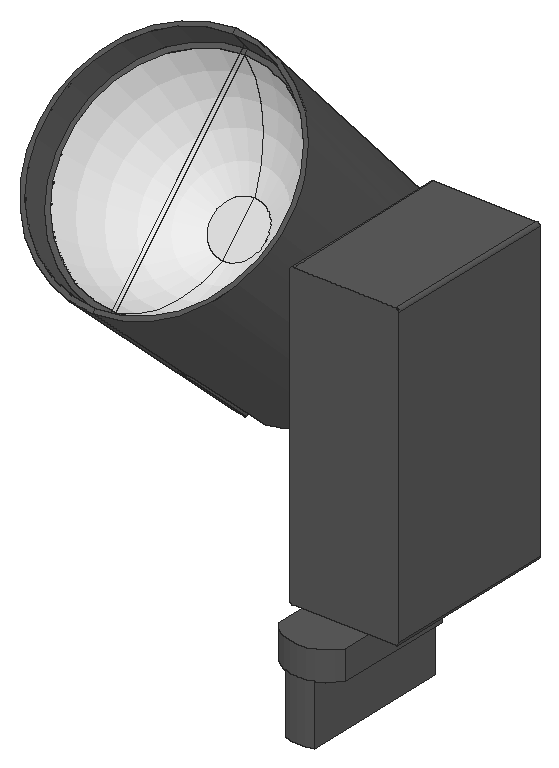
Revit family "0004894 Feilo Sylvania Lighting Fixture START TRACK SPOT L 55W 3K RA90 WB BLACK", category Lighting Fixtures, host Face, Revit 2017
Family settings
  Host = Face
  Round Connector Dimension = Use Diameter
  Part Type = Normal
  OmniClass Number = 23.80.70.00
  OmniClass Title = Lighting
  Cut with Voids When Loaded = No
  Light Source = No
  Shared = No
  Room Calculation Point = No
Parameters (values of type "0004894 START TRACK SPOT L 55W 3K RA90 WB BLACK")
  Weight = "1.398 kg"
  Wattage Comments = ""
  WarrantyStartDate [instance] = "n/a"
  WarrantyGuarantorParts = "n/a"
  WarrantyDurationUnit = "n/a"
  WarrantyDurationParts = "n/a"
  WarrantyDescription = "n/a"
  Voltage = 230 V
  URL = "http://www.sylvania-lighting.com"
  TypeName = "START TRACK SPOT L 55W 3K RA90 WB BLACK"
  TypeHead_FEILO = Start Track Spot Head : 0004894 START TRACK SPOT L 55W 3K RA90 WB BLACK
  TypeBox_FEILO = Start Track Spot Box : Type Large Black
  Type Image = <None>
  Type Comments = "n/a"
  VerticalRotation_FEILO [instance] = 0.00°
  SlideEndAngle_FEILO [instance] = VerticalRotation_FEILO + 180.00°  # 180.00°
  SerialNumber [instance] = "n/a"
  Material_3_FEILO = none
  PowerFactor = 0.96
  PowerConsumption = "55 W"
  NominalLength = 0 mm
  NominalHeight = 240 mm
  NominalDepth = 164 mm
  Name = "START TRACK SPOT L 55W 3K RA90 WB BLACK"
  ModelReference = Name  # "START TRACK SPOT L 55W 3K RA90 WB BLACK"
  ModelNumber = "0004894"
  Model = Name  # "START TRACK SPOT L 55W 3K RA90 WB BLACK"
  Material = "adc12 aluminium housing, polycarbonate diffuser"
  ManufacturerName = "Feilo Sylvania"
  Manufacturer = "Feilo Sylvania"
  LuminousEfficacy = "80 lm/W"
  LuminaireType = ""
  LightOutputRatio = "100"
  LampsType = Lamp  # "LED"
  LampNominalLuminous = "4405 lm"
  LampMacAdamStep = "3"
  LampColourTemperature = "3000 K"
  LampColourRenderingIndex = "90"
  Lamp = "LED"
  Keynote = "16500"
  InstallationDate [instance] = "n/a"
  InputVoltage = "230-240V~"
  InputNominalFrequency = "50/60 Hz"
  IngressProtection = "IP20"
  ImpactProtectionIndex = "IK02"
  IfcExportType = "IfcLightFixtureType"
  IfcExportAs = "IfcLightFixtureType"
  HorizontalRotation_FEILO [instance] = 45.00°
  ExpectedLife = 50000
  ElectricShockClassification = "Class II"
  DurationUnit = "hours"
  DocumentationLiterature = "http://www.sylvania-lighting.com/product/en-int/products/0004894"
  DimmingControlOptions = "Non dimmable"
  Material_2_FEILO = none
  Description = "Integrated LED spotlight, Textured Black - RAL9005, compact and minimalist design, ideal for retail applications, die-cast aluminium body, passive cooling heatsink. Beam angle: 52°, color temperature: 3000K , total system power: 55W, total fixture output: 4405 lm, LOR: 100%, colour rendering: Ra: 90 typical, LED Chromaticity: 3 step MacAdam ellipse, lifetime: >50000 hours at L70B50, energy class: A++, A+, A, IR/UV free light source without heat radiation, operating voltage: 220-240V / 50-60Hz, drive current: 1400mA, electronic driver, non-dimmable, power factor: 0.96, electrical protection: Class II, Global Track 3 Phase adapter suitable for Global trac 3-circuit tracks, ingress protection rating: IP20, suitable for internal environment only, horizontal rotation: 355°, vertical tilt: 90°, dimensions: Ø113x164x240, weight: 1.398kg."
  Default Elevation = 1219.2 mm
  CreatedOn = "12/12/2017"
  CreatedBy = ""
  Cost = 0
  built-in parameter 1114216 [instance] = (empty or 0)
  ClassificationValue = "EF_70_80"
  ClassificationName = "Uniclass2015"
  Material_1_FEILO = Body-Sylvania-StartTrackSpot-Black
  BarCode [instance] = "n/a"
  AssetType = "Fixed"
  AssetIdentifier [instance] = "n/a"
  Assembly Code = "D5020200"
  Apparent Load = 55 VA
  Material_4_FEILO = none
Reference planes
  plane 1 "Center (Front/Back)": y = 0
  plane 2: z = 0
  plane 3 "Center (Left/Right)": x = 0
  plane 4: x = 15
  plane 5: x = -15
  plane 6: y = 35
  plane 7: y = -35
  plane 8: z = 13
  plane 9: z = -27
  plane 10: x = 6.5
  plane 11: x = -6.5
  plane 12: y = 27
  plane 13: y = -27
  plane 14: y = 20
Forms (mm)
  Extrusion 1, solid, material "Body-Sylvania-StartTrackSpot-Black" <- "Material_1_FEILO"
    sketch origin (0, 0, 0) x (1, 0, 0) y (0, 1, 0)
      loop
        line (-15, 27) -> (-15, -27)
        arc (-15, -27) -> (0, -35) -> (15, -27) r 18.062
        line (15, -27) -> (15, 27)
        arc (15, 27) -> (0, 35) -> (-15, 27) r 18.062
    from 0 to 13
  Extrusion 2, solid, material "Body-Sylvania-StartTrackSpot-Black" <- "Material_1_FEILO"
    sketch origin (0, 0, 0) x (1, 0, 0) y (0, 1, 0)
      loop
        arc (6.5, 33.79) -> (0, 35) -> (-6.5, 33.79) r 18.062
        line (-6.5, 33.79) -> (-6.5, -33.79)
        arc (-6.5, -33.79) -> (0, -35) -> (6.5, -33.79) r 18.062
        line (6.5, -33.79) -> (6.5, 33.79)
    from 0 to -27
  Revolve 3, solid, not visible
    sketch origin (1524, 20, 1219.2) x (1, 0, 0) y (0, 0, 1)
      loop
        line (-1524, -1206.2) -> (-1524, -1191.285) -> (-1530.5, -1191.285) -> (-1530.5, -1206.2) -> (-1524, -1206.2)
      axis (-1524, -1191.285) -> (-1524, -1206.2)
    angle from 0 <- "VerticalRotation_FEILO" to 180 <- "SlideEndAngle_FEILO"
Cuts and joins
  joined: Extrusion 1, Extrusion 2
Dimensions and locks
  equal spacing: plane 10, plane 3 "Center (Left/Right)", plane 11
  equal spacing: plane 4, plane 3 "Center (Left/Right)", plane 5
  locked: plane 8 to plane 2 at 13
  locked: plane 8 to plane 9 at 40
  equal spacing: plane 13, plane 1 "Center (Front/Back)", plane 12
  locked: plane 12 to plane 6 at 8
  locked: plane 14 to plane 6 at 15
  locked: Revolve 3 sketch curve to plane 8 at 14.915
  aligned and locked: plane 2 to host face
  aligned and locked: level to host face
  aligned and locked: plane 5 to Extrusion 1 sketch curve  (x2)
  aligned and locked: plane 12 to Extrusion 1 sketch curve
  aligned and locked: plane 13 to Extrusion 1 sketch curve
  aligned and locked: plane 4 to Extrusion 1 sketch curve
  aligned and locked: Extrusion 1 to plane 8
  aligned and locked: Extrusion 1 to level
  aligned and locked: Extrusion 2 sketch curve to Extrusion 1  (x2)
  aligned and locked: Extrusion 2 sketch curve to plane 11
  aligned and locked: plane 10 to Extrusion 2 sketch curve
  aligned and locked: plane 9 to Extrusion 2
  aligned and locked: level to Extrusion 2
  aligned and locked: Revolve 3 sketch curve to plane 3 "Center (Left/Right)"  (x2)
  aligned and locked: plane 11 to Revolve 3 sketch curve
  aligned and locked: Revolve 3 sketch curve to plane 8
Automatic sketch dimensions
  host sketch curve to host sketch curve = 2438.4 mm  (x2)
  Extrusion 1 sketch curve to plane 3 "Center (Left/Right)" = 0 mm  (x2)
  Extrusion 1 sketch curve to plane 13 = 10.062 mm
  plane 12 to Extrusion 1 sketch curve = 10.062 mm
  Revolve 3 sketch curve to plane 3 "Center (Left/Right)" = 0 mm
  plane 9 to Revolve 3 sketch curve = 582.6 mm
  Revolve 3 sketch curve to Revolve 3 sketch curve = 2581.144 mm
Nested families
  nested 1: "Start Track Spot Head" at (-75.5, 20, 133) x (0, 0.7071, 0.7071) z (0, 0.7071, -0.7071), type <- "TypeHead_FEILO", type "0004894 START TRACK SPOT L 55W 3K RA90 WB BLACK"
    with built-in parameter 1114216 (empty or 0)
  nested 2: "Start Track Spot Box" at (8.5, 20, 85) x (-1, 0, 0) z (0, -1, 0), BoxStartAngle_FEILO <- "HorizontalRotation_FEILO", type <- "TypeBox_FEILO", type "Type Large Black"
    with BoxStartAngle_FEILO 45.00°, BoxEndAngle_FEILO -135.00°
Connectors
  electrical at (0, 0, 0), driven by "Apparent Load", driven by "PowerFactor", driven by "Voltage"
    settings: index 1, voltage 230 V, apparent load 55 VA, apparent load phase1 0 VA, apparent load phase2 0 VA, apparent load phase3 0 VA, power factor 0.96, load classification "Lighting", number of poles 1, system type 30, power factor state 1, is connector primary yes, connector utility no, sub classification motor no, connector description ""
Definition of nested family "Start Track Spot Head"
  Parameters (values of type "0004811 START TRACK SPOT S 14W 3K RA80 NB WHITE")
    Wattage Comments = "n/a"
    Wattage = 14 W
    built-in parameter 1150110 = 1 (stored number, unit not read)
    URL = "http://www.feilosylvania.com"
    Type Image = (empty or 0)
    Type Comments = "n/a"
    built-in parameter 1114217 = 1 (stored number, unit not read)
    Tilt Angle = -90.00°
    built-in parameter 1150109 = 1 (stored number, unit not read)
    built-in parameter 1150134 = (empty or 0)
    built-in parameter 1150113 = 1 (stored number, unit not read)
    Photometric Web File = "0004811.ies"
    Material_3_FEILO = none
    Model = "START TRACK SPOT S 14W 3K RA80 NB WHITE"
    Manufacturer = "Feilo Sylvania"
    built-in parameter 1150105 = 123.66 (stored number, unit not read)
    Lumens = 1554 lm
    built-in parameter 1150115 = 1 (stored number, unit not read)
    built-in parameter 1150137 = (empty or 0)
    built-in parameter 1150139 = (empty or 0)
    built-in parameter 1150112 = 1 (stored number, unit not read)
    built-in parameter 1150114 = 1 (stored number, unit not read)
    Lamp = "LED"
    Keynote = "16500"
    Material_2_FEILO = none
    built-in parameter 1150132 = (empty or 0)
    built-in parameter 1150102 = (empty or 0)
    built-in parameter 1150107 = 3000 (stored number, unit not read)
    built-in parameter 1150138 = (empty or 0)
    built-in parameter 1150106 = 1.2366 (stored number, unit not read)
    HeadThickness_FEILO = if(HeadDiaOut_FEILO > 112 mm, 2 mm, 1.5 mm)  # 1.5 mm
    HeadRibOffset_FEILO = HeadHeight_FEILO / 28  # 4.179 mm
    HeadRibDepth_FEILO = HeadHeight_FEILO / 2.1  # 55.714 mm
    HeadRibCutWidth_FEILO = HeadDiaOut_FEILO / 12  # 7.167 mm
    HeadRibCutOffset_FEILO = HeadHeight_FEILO / 2.3  # 50.87 mm
    HeadReflectorRadius_FEILO = HeadDiaOut_FEILO / 1.7  # 50.588 mm
    HeadReflectorOffset_FEILO = HeadHeight_FEILO / 2.1  # 55.714 mm
    HeadLEDRadius_FEILO = HeadDiaOut_FEILO / 9  # 9.556 mm
    HeadHeight_FEILO = 117 mm
    HeadDraft_FEILO = 1 mm
    HeadDiffusorThickness_FEILO = 3 mm
    HeadDiffusorOffset_FEILO = HeadHeight_FEILO / 12.4  # 9.435 mm
    HeadDiaOut_FEILO = 86 mm
    HeadDiaIn_FEILO = HeadDiaOut_FEILO / 1.11  # 77.477 mm
    HeadAxisFromTop_FEILO = HeadHeight_FEILO / 1.687  # 69.354 mm
    Emit from Circle Diameter = HeadDiaIn_FEILO  # 77.477 mm
    Emit Shape Visible in Rendering = no
    built-in parameter 1150104 = 10.312 (stored number, unit not read)
    Dimming Lamp Color Temperature Shift = (empty or 0)
    Description = "Integrated LED spotlight, Textured White - RAL9016, compact and minimalist design, ideal for retail applications, die-cast aluminium body, passive cooling heatsink. Beam angle: 12°, color temperature: 3000K , total system power: 14W, total fixture output: 1551 lm, LOR: 100%, colour rendering: Ra: 80 typical, LED Chromaticity: 3 step MacAdam ellipse, lifetime: >50000 hours at L70B50, energy class: A++, A+, A, IR/UV free light source without heat radiation, operating voltage: 220-240V / 50-60Hz, drive current: 350mA, electronic driver, non-dimmable, power factor: 0.92, electrical protection: Class II, Global Track 3 Phase adapter suitable for Global trac 3-circuit tracks, ingress protection rating: IP20, suitable for internal environment only, horizontal rotation: 355°, vertical tilt: 90°, dimensions: Ø86x140x200, weight: 0.940kg."
    Default Elevation = 1219.2 mm
    Cost = 0
    Color Filter = 16777215
    built-in parameter 1114216 [instance] = (empty or 0)
    Material_1_FEILO = none
    built-in parameter 1114218 = 1 (stored number, unit not read)
    built-in parameter 1150133 = 10 (stored number, unit not read)
    Assembly Code = "D5020200"
    Apparent Load = 14 VA
    Material_4_FEILO = none
  Types (96, lengths in mm): name | Wattage | built-in parameter 1150134 | Photometric Web File | Model | built-in parameter 1150105 | Lumens | built-in parameter 1150107 | built-in parameter 1150106 | HeadThickness_FEILO | HeadRibOffset_FEILO | HeadRibDepth_FEILO | HeadRibCutWidth_FEILO | HeadRibCutOffset_FEILO | HeadReflectorRadius_FEILO | HeadReflectorOffset_FEILO | HeadLEDRadius_FEILO | HeadHeight_FEILO | HeadDiffusorOffset_FEILO | HeadDiaOut_FEILO | HeadDiaIn_FEILO | HeadAxisFromTop_FEILO | Emit from Circle Diameter | built-in parameter 1150104 | Description | Apparent Load
    0004906 START TRACK SPOT L 55W 4K RA90 WB BLACK | 55 W | 12 | "0004906.ies" | "START TRACK SPOT L 55W 4K RA90 WB BLACK" | 385.15 (stored number, unit not read) | 4840 lm | 4000 (stored number, unit not read) | 3.8515 (stored number, unit not read) | 2 | 4.429 | 59.048 | 9.417 | 53.913 | 66.471 | 59.048 | 12.556 | 124 | 10 | 113 | 101.802 | 73.503 | 101.802 | 8.1755 (stored number, unit not read) | "Integrated LED spotlight, Textured Black - RAL9005, compact and minimalist design, ideal for retail applications, die-cast aluminium body, passive cooling heatsink. Beam angle: 52°, color temperature: 4000K , total system power: 55W, total fixture output: 4824 lm, LOR: 100%, colour rendering: Ra: 90 typical, LED Chromaticity: 3 step MacAdam ellipse, lifetime: >50000 hours at L70B50, energy class: A++, A+, A, IR/UV free light source without heat radiation, operating voltage: 220-240V / 50-60Hz, drive current: 1400mA, electronic driver, non-dimmable, power factor: 0.96, electrical protection: Class II, Global Track 3 Phase adapter suitable for Global trac 3-circuit tracks, ingress protection rating: IP20, suitable for internal environment only, horizontal rotation: 355°, vertical tilt: 90°, dimensions: Ø113x164x240, weight: 1.398kg." | 55 VA
    0004905 START TRACK SPOT L 55W 4K RA90 MB BLACK | 55 W | 12 | "0004905.ies" | "START TRACK SPOT L 55W 4K RA90 MB BLACK" | 389.53 (stored number, unit not read) | 4895 lm | 4000 (stored number, unit not read) | 3.8953 (stored number, unit not read) | 2 | 4.429 | 59.048 | 9.417 | 53.913 | 66.471 | 59.048 | 12.556 | 124 | 10 | 113 | 101.802 | 73.503 | 101.802 | 8.2684 (stored number, unit not read) | "Integrated LED spotlight, Textured Black - RAL9005, compact and minimalist design, ideal for retail applications, die-cast aluminium body, passive cooling heatsink. Beam angle: 38°, color temperature: 4000K , total system power: 55W, total fixture output: 4897 lm, LOR: 100%, colour rendering: Ra: 90 typical, LED Chromaticity: 3 step MacAdam ellipse, lifetime: >50000 hours at L70B50, energy class: A++, A+, A, IR/UV free light source without heat radiation, operating voltage: 220-240V / 50-60Hz, drive current: 1400mA, electronic driver, non-dimmable, power factor: 0.96, electrical protection: Class II, Global Track 3 Phase adapter suitable for Global trac 3-circuit tracks, ingress protection rating: IP20, suitable for internal environment only, horizontal rotation: 355°, vertical tilt: 90°, dimensions: Ø113x164x240, weight: 1.398kg." | 55 VA
    0004904 START TRACK SPOT L 55W 4K RA90 NB BLACK | 55 W | 12 | "0004904.ies" | "START TRACK SPOT L 55W 4K RA90 NB BLACK" | 393.91 (stored number, unit not read) | 4950 lm | 4000 (stored number, unit not read) | 3.9391 (stored number, unit not read) | 2 | 4.429 | 59.048 | 9.417 | 53.913 | 66.471 | 59.048 | 12.556 | 124 | 10 | 113 | 101.802 | 73.503 | 101.802 | 8.3613 (stored number, unit not read) | "Integrated LED spotlight, Textured Black - RAL9005, compact and minimalist design, ideal for retail applications, die-cast aluminium body, passive cooling heatsink. Beam angle: 15°, color temperature: 4000K , total system power: 55W, total fixture output: 4965 lm, LOR: 100%, colour rendering: Ra: 90 typical, LED Chromaticity: 3 step MacAdam ellipse, lifetime: >50000 hours at L70B50, energy class: A++, A+, A, IR/UV free light source without heat radiation, operating voltage: 220-240V / 50-60Hz, drive current: 1400mA, electronic driver, non-dimmable, power factor: 0.96, electrical protection: Class II, Global Track 3 Phase adapter suitable for Global trac 3-circuit tracks, ingress protection rating: IP20, suitable for internal environment only, horizontal rotation: 355°, vertical tilt: 90°, dimensions: Ø113x164x240, weight: 1.398kg." | 55 VA
    0004903 START TRACK SPOT L 35W 4K RA90 WB BLACK | 35 W | 12 | "0004903.ies" | "START TRACK SPOT L 35W 4K RA90 WB BLACK" | 284.09 (stored number, unit not read) | 3570 lm | 4000 (stored number, unit not read) | 2.8409 (stored number, unit not read) | 2 | 4.429 | 59.048 | 9.417 | 53.913 | 66.471 | 59.048 | 12.556 | 124 | 10 | 113 | 101.802 | 73.503 | 101.802 | 9.4761 (stored number, unit not read) | "Integrated LED spotlight, Textured Black - RAL9005, compact and minimalist design, ideal for retail applications, die-cast aluminium body, passive cooling heatsink. Beam angle: 52°, color temperature: 4000K , total system power: 35W, total fixture output: 3562 lm, LOR: 100%, colour rendering: Ra: 90 typical, LED Chromaticity: 3 step MacAdam ellipse, lifetime: >50000 hours at L70B50, energy class: A++, A+, A, IR/UV free light source without heat radiation, operating voltage: 220-240V / 50-60Hz, drive current: 900mA, electronic driver, non-dimmable, power factor: 0.93, electrical protection: Class II, Global Track 3 Phase adapter suitable for Global trac 3-circuit tracks, ingress protection rating: IP20, suitable for internal environment only, horizontal rotation: 355°, vertical tilt: 90°, dimensions: Ø113x164x240, weight: 1.368kg." | 35 VA
    0004902 START TRACK SPOT L 35W 4K RA90 MB BLACK | 35 W | 12 | "0004902.ies" | "START TRACK SPOT L 35W 4K RA90 MB BLACK" | 286.88 (stored number, unit not read) | 3605 lm | 4000 (stored number, unit not read) | 2.8688 (stored number, unit not read) | 2 | 4.429 | 59.048 | 9.417 | 53.913 | 66.471 | 59.048 | 12.556 | 124 | 10 | 113 | 101.802 | 73.503 | 101.802 | 9.569 (stored number, unit not read) | "Integrated LED spotlight, Textured Black - RAL9005, compact and minimalist design, ideal for retail applications, die-cast aluminium body, passive cooling heatsink. Beam angle: 38°, color temperature: 4000K , total system power: 35W, total fixture output: 3616 lm, LOR: 100%, colour rendering: Ra: 90 typical, LED Chromaticity: 3 step MacAdam ellipse, lifetime: >50000 hours at L70B50, energy class: A++, A+, A, IR/UV free light source without heat radiation, operating voltage: 220-240V / 50-60Hz, drive current: 900mA, electronic driver, non-dimmable, power factor: 0.93, electrical protection: Class II, Global Track 3 Phase adapter suitable for Global trac 3-circuit tracks, ingress protection rating: IP20, suitable for internal environment only, horizontal rotation: 355°, vertical tilt: 90°, dimensions: Ø113x164x240, weight: 1.368kg." | 35 VA
    0004901 START TRACK SPOT L 35W 4K RA90 NB BLACK | 35 W | 12 | "0004901.ies" | "START TRACK SPOT L 35W 4K RA90 NB BLACK" | 286.88 (stored number, unit not read) | 3605 lm | 4000 (stored number, unit not read) | 2.8688 (stored number, unit not read) | 2 | 4.429 | 59.048 | 9.417 | 53.913 | 66.471 | 59.048 | 12.556 | 124 | 10 | 113 | 101.802 | 73.503 | 101.802 | 9.569 (stored number, unit not read) | "Integrated LED spotlight, Textured Black - RAL9005, compact and minimalist design, ideal for retail applications, die-cast aluminium body, passive cooling heatsink. Beam angle: 15°, color temperature: 4000K , total system power: 35W, total fixture output: 3593 lm, LOR: 100%, colour rendering: Ra: 90 typical, LED Chromaticity: 3 step MacAdam ellipse, lifetime: >50000 hours at L70B50, energy class: A++, A+, A, IR/UV free light source without heat radiation, operating voltage: 220-240V / 50-60Hz, drive current: 900mA, electronic driver, non-dimmable, power factor: 0.93, electrical protection: Class II, Global Track 3 Phase adapter suitable for Global trac 3-circuit tracks, ingress protection rating: IP20, suitable for internal environment only, horizontal rotation: 355°, vertical tilt: 90°, dimensions: Ø113x164x240, weight: 1.368kg." | 35 VA
    0004900 START TRACK SPOT S 24W 4K RA90 WB BLACK | 24 W | 12 | "0004900.ies" | "START TRACK SPOT S 24W 4K RA90 WB BLACK" | 166.16 (stored number, unit not read) | 2088 lm | 4000 (stored number, unit not read) | 1.6616 (stored number, unit not read) | 1.5 | 4.179 | 55.714 | 7.167 | 50.87 | 50.588 | 55.714 | 9.556 | 117 | 9.435 | 86 | 77.477 | 69.354 | 77.477 | 8.0826 (stored number, unit not read) | "Integrated LED spotlight, Textured Black - RAL9005, compact and minimalist design, ideal for retail applications, die-cast aluminium body, passive cooling heatsink. Beam angle: 64°, color temperature: 4000K , total system power: 24W, total fixture output: 2087 lm, LOR: 100%, colour rendering: Ra: 90 typical, LED Chromaticity: 3 step MacAdam ellipse, lifetime: >50000 hours at L70B50, energy class: A++, A+, A, IR/UV free light source without heat radiation, operating voltage: 220-240V / 50-60Hz, drive current: 600mA, electronic driver, non-dimmable, power factor: 0.95, electrical protection: Class II, Global Track 3 Phase adapter suitable for Global trac 3-circuit tracks, ingress protection rating: IP20, suitable for internal environment only, horizontal rotation: 355°, vertical tilt: 90°, dimensions: Ø86x140x200, weight: 0.966kg." | 24 VA
    0004899 START TRACK SPOT S 24W 4K RA90 MB BLACK | 24 W | 12 | "0004899.ies" | "START TRACK SPOT S 24W 4K RA90 MB BLACK" | 169.98 (stored number, unit not read) | 2136 lm | 4000 (stored number, unit not read) | 1.6998 (stored number, unit not read) | 1.5 | 4.179 | 55.714 | 7.167 | 50.87 | 50.588 | 55.714 | 9.556 | 117 | 9.435 | 86 | 77.477 | 69.354 | 77.477 | 8.2684 (stored number, unit not read) | "Integrated LED spotlight, Textured Black - RAL9005, compact and minimalist design, ideal for retail applications, die-cast aluminium body, passive cooling heatsink. Beam angle: 36°, color temperature: 4000K , total system power: 24W, total fixture output: 2141 lm, LOR: 100%, colour rendering: Ra: 90 typical, LED Chromaticity: 3 step MacAdam ellipse, lifetime: >50000 hours at L70B50, energy class: A++, A+, A, IR/UV free light source without heat radiation, operating voltage: 220-240V / 50-60Hz, drive current: 600mA, electronic driver, non-dimmable, power factor: 0.95, electrical protection: Class II, Global Track 3 Phase adapter suitable for Global trac 3-circuit tracks, ingress protection rating: IP20, suitable for internal environment only, horizontal rotation: 355°, vertical tilt: 90°, dimensions: Ø86x140x200, weight: 0.966kg." | 24 VA
    0004898 START TRACK SPOT S 24W 4K RA90 NB BLACK | 24 W | 12 | "0004898.ies" | "START TRACK SPOT S 24W 4K RA90 NB BLACK" | 171.89 (stored number, unit not read) | 2160 lm | 4000 (stored number, unit not read) | 1.7189 (stored number, unit not read) | 1.5 | 4.179 | 55.714 | 7.167 | 50.87 | 50.588 | 55.714 | 9.556 | 117 | 9.435 | 86 | 77.477 | 69.354 | 77.477 | 8.3613 (stored number, unit not read) | "Integrated LED spotlight, Textured Black - RAL9005, compact and minimalist design, ideal for retail applications, die-cast aluminium body, passive cooling heatsink. Beam angle: 12°, color temperature: 4000K , total system power: 24W, total fixture output: 2155 lm, LOR: 100%, colour rendering: Ra: 90 typical, LED Chromaticity: 3 step MacAdam ellipse, lifetime: >50000 hours at L70B50, energy class: A++, A+, A, IR/UV free light source without heat radiation, operating voltage: 220-240V / 50-60Hz, drive current: 600mA, electronic driver, non-dimmable, power factor: 0.95, electrical protection: Class II, Global Track 3 Phase adapter suitable for Global trac 3-circuit tracks, ingress protection rating: IP20, suitable for internal environment only, horizontal rotation: 355°, vertical tilt: 90°, dimensions: Ø86x140x200, weight: 0.966kg." | 24 VA
    0004897 START TRACK SPOT S 14W 4K RA90 WB BLACK | 14 W | 12 | "0004897.ies" | "START TRACK SPOT S 14W 4K RA90 WB BLACK" | 108.07 (stored number, unit not read) | 1358 lm | 4000 (stored number, unit not read) | 1.0807 (stored number, unit not read) | 1.5 | 4.179 | 55.714 | 7.167 | 50.87 | 50.588 | 55.714 | 9.556 | 117 | 9.435 | 86 | 77.477 | 69.354 | 77.477 | 9.0116 (stored number, unit not read) | "Integrated LED spotlight, Textured Black - RAL9005, compact and minimalist design, ideal for retail applications, die-cast aluminium body, passive cooling heatsink. Beam angle: 64°, color temperature: 4000K , total system power: 14W, total fixture output: 1352 lm, LOR: 100%, colour rendering: Ra: 90 typical, LED Chromaticity: 3 step MacAdam ellipse, lifetime: >50000 hours at L70B50, energy class: A++, A+, A, IR/UV free light source without heat radiation, operating voltage: 220-240V / 50-60Hz, drive current: 350mA, electronic driver, non-dimmable, power factor: 0.92, electrical protection: Class II, Global Track 3 Phase adapter suitable for Global trac 3-circuit tracks, ingress protection rating: IP20, suitable for internal environment only, horizontal rotation: 355°, vertical tilt: 90°, dimensions: Ø86x140x200, weight: 0.940kg." | 14 VA
    0004896 START TRACK SPOT S 14W 4K RA90 MB BLACK | 14 W | 12 | "0004896.ies" | "START TRACK SPOT S 14W 4K RA90 MB BLACK" | 108.07 (stored number, unit not read) | 1358 lm | 4000 (stored number, unit not read) | 1.0807 (stored number, unit not read) | 1.5 | 4.179 | 55.714 | 7.167 | 50.87 | 50.588 | 55.714 | 9.556 | 117 | 9.435 | 86 | 77.477 | 69.354 | 77.477 | 9.0116 (stored number, unit not read) | "Integrated LED spotlight, Textured Black - RAL9005, compact and minimalist design, ideal for retail applications, die-cast aluminium body, passive cooling heatsink. Beam angle: 36°, color temperature: 4000K , total system power: 14W, total fixture output: 1359 lm, LOR: 100%, colour rendering: Ra: 90 typical, LED Chromaticity: 3 step MacAdam ellipse, lifetime: >50000 hours at L70B50, energy class: A++, A+, A, IR/UV free light source without heat radiation, operating voltage: 220-240V / 50-60Hz, drive current: 350mA, electronic driver, non-dimmable, power factor: 0.92, electrical protection: Class II, Global Track 3 Phase adapter suitable for Global trac 3-circuit tracks, ingress protection rating: IP20, suitable for internal environment only, horizontal rotation: 355°, vertical tilt: 90°, dimensions: Ø86x140x200, weight: 0.940kg." | 14 VA
    0004895 START TRACK SPOT S 14W 4K RA90 NB BLACK | 14 W | 12 | "0004895.ies" | "START TRACK SPOT S 14W 4K RA90 NB BLACK" | 106.95 (stored number, unit not read) | 1344 lm | 4000 (stored number, unit not read) | 1.0695 (stored number, unit not read) | 1.5 | 4.179 | 55.714 | 7.167 | 50.87 | 50.588 | 55.714 | 9.556 | 117 | 9.435 | 86 | 77.477 | 69.354 | 77.477 | 8.9187 (stored number, unit not read) | "Integrated LED spotlight, Textured Black - RAL9005, compact and minimalist design, ideal for retail applications, die-cast aluminium body, passive cooling heatsink. Beam angle: 12°, color temperature: 4000K , total system power: 14W, total fixture output: 1349 lm, LOR: 100%, colour rendering: Ra: 90 typical, LED Chromaticity: 3 step MacAdam ellipse, lifetime: >50000 hours at L70B50, energy class: A++, A+, A, IR/UV free light source without heat radiation, operating voltage: 220-240V / 50-60Hz, drive current: 350mA, electronic driver, non-dimmable, power factor: 0.92, electrical protection: Class II, Global Track 3 Phase adapter suitable for Global trac 3-circuit tracks, ingress protection rating: IP20, suitable for internal environment only, horizontal rotation: 355°, vertical tilt: 90°, dimensions: Ø86x140x200, weight: 0.940kg." | 14 VA
    0004894 START TRACK SPOT L 55W 3K RA90 WB BLACK | 55 W | (empty or 0) | "0004894.ies" | "START TRACK SPOT L 55W 3K RA90 WB BLACK" | 350.14 (stored number, unit not read) | 4400 lm | 3000 (stored number, unit not read) | 3.5014 (stored number, unit not read) | 2 | 4.429 | 59.048 | 9.417 | 53.913 | 66.471 | 59.048 | 12.556 | 124 | 10 | 113 | 101.802 | 73.503 | 101.802 | 7.4322 (stored number, unit not read) | "Integrated LED spotlight, Textured Black - RAL9005, compact and minimalist design, ideal for retail applications, die-cast aluminium body, passive cooling heatsink. Beam angle: 52°, color temperature: 3000K , total system power: 55W, total fixture output: 4405 lm, LOR: 100%, colour rendering: Ra: 90 typical, LED Chromaticity: 3 step MacAdam ellipse, lifetime: >50000 hours at L70B50, energy class: A++, A+, A, IR/UV free light source without heat radiation, operating voltage: 220-240V / 50-60Hz, drive current: 1400mA, electronic driver, non-dimmable, power factor: 0.96, electrical protection: Class II, Global Track 3 Phase adapter suitable for Global trac 3-circuit tracks, ingress protection rating: IP20, suitable for internal environment only, horizontal rotation: 355°, vertical tilt: 90°, dimensions: Ø113x164x240, weight: 1.398kg." | 55 VA
    0004893 START TRACK SPOT L 55W 3K RA90 MB BLACK | 55 W | (empty or 0) | "0004893.ies" | "START TRACK SPOT L 55W 3K RA90 MB BLACK" | 354.52 (stored number, unit not read) | 4455 lm | 3000 (stored number, unit not read) | 3.5452 (stored number, unit not read) | 2 | 4.429 | 59.048 | 9.417 | 53.913 | 66.471 | 59.048 | 12.556 | 124 | 10 | 113 | 101.802 | 73.503 | 101.802 | 7.5251 (stored number, unit not read) | "Integrated LED spotlight, Textured Black - RAL9005, compact and minimalist design, ideal for retail applications, die-cast aluminium body, passive cooling heatsink. Beam angle: 38°, color temperature: 3000K , total system power: 55W, total fixture output: 4448 lm, LOR: 100%, colour rendering: Ra: 90 typical, LED Chromaticity: 3 step MacAdam ellipse, lifetime: >50000 hours at L70B50, energy class: A++, A+, A, IR/UV free light source without heat radiation, operating voltage: 220-240V / 50-60Hz, drive current: 1400mA, electronic driver, non-dimmable, power factor: 0.96, electrical protection: Class II, Global Track 3 Phase adapter suitable for Global trac 3-circuit tracks, ingress protection rating: IP20, suitable for internal environment only, horizontal rotation: 355°, vertical tilt: 90°, dimensions: Ø113x164x240, weight: 1.398kg." | 55 VA
    0004892 START TRACK SPOT L 55W 3K RA90 NB BLACK | 55 W | (empty or 0) | "0004892.ies" | "START TRACK SPOT L 55W 3K RA90 NB BLACK" | 350.14 (stored number, unit not read) | 4400 lm | 3000 (stored number, unit not read) | 3.5014 (stored number, unit not read) | 2 | 4.429 | 59.048 | 9.417 | 53.913 | 66.471 | 59.048 | 12.556 | 124 | 10 | 113 | 101.802 | 73.503 | 101.802 | 7.4322 (stored number, unit not read) | "Integrated LED spotlight, Textured Black - RAL9005, compact and minimalist design, ideal for retail applications, die-cast aluminium body, passive cooling heatsink. Beam angle: 15°, color temperature: 3000K , total system power: 55W, total fixture output: 4416 lm, LOR: 100%, colour rendering: Ra: 90 typical, LED Chromaticity: 3 step MacAdam ellipse, lifetime: >50000 hours at L70B50, energy class: A++, A+, A, IR/UV free light source without heat radiation, operating voltage: 220-240V / 50-60Hz, drive current: 1400mA, electronic driver, non-dimmable, power factor: 0.96, electrical protection: Class II, Global Track 3 Phase adapter suitable for Global trac 3-circuit tracks, ingress protection rating: IP20, suitable for internal environment only, horizontal rotation: 355°, vertical tilt: 90°, dimensions: Ø113x164x240, weight: 1.398kg." | 55 VA
    0004891 START TRACK SPOT L 35W 3K RA90 WB BLACK | 35 W | (empty or 0) | "0004891.ies" | "START TRACK SPOT L 35W 3K RA90 WB BLACK" | 259.02 (stored number, unit not read) | 3255 lm | 3000 (stored number, unit not read) | 2.5902 (stored number, unit not read) | 2 | 4.429 | 59.048 | 9.417 | 53.913 | 66.471 | 59.048 | 12.556 | 124 | 10 | 113 | 101.802 | 73.503 | 101.802 | 8.64 (stored number, unit not read) | "Integrated LED spotlight, Textured Black - RAL9005, compact and minimalist design, ideal for retail applications, die-cast aluminium body, passive cooling heatsink. Beam angle: 52°, color temperature: 3000K , total system power: 35W, total fixture output: 3260 lm, LOR: 100%, colour rendering: Ra: 90 typical, LED Chromaticity: 3 step MacAdam ellipse, lifetime: >50000 hours at L70B50, energy class: A++, A+, A, IR/UV free light source without heat radiation, operating voltage: 220-240V / 50-60Hz, drive current: 900mA, electronic driver, non-dimmable, power factor: 0.93, electrical protection: Class II, Global Track 3 Phase adapter suitable for Global trac 3-circuit tracks, ingress protection rating: IP20, suitable for internal environment only, horizontal rotation: 355°, vertical tilt: 90°, dimensions: Ø113x164x240, weight: 1.368kg." | 35 VA
    0004890 START TRACK SPOT L 35W 3K RA90 MB BLACK | 35 W | (empty or 0) | "0004890.ies" | "START TRACK SPOT L 35W 3K RA90 MB BLACK" | 261.81 (stored number, unit not read) | 3290 lm | 3000 (stored number, unit not read) | 2.6181 (stored number, unit not read) | 2 | 4.429 | 59.048 | 9.417 | 53.913 | 66.471 | 59.048 | 12.556 | 124 | 10 | 113 | 101.802 | 73.503 | 101.802 | 8.7329 (stored number, unit not read) | "Integrated LED spotlight, Textured Black - RAL9005, compact and minimalist design, ideal for retail applications, die-cast aluminium body, passive cooling heatsink. Beam angle: 38°, color temperature: 3000K , total system power: 35W, total fixture output: 3306 lm, LOR: 100%, colour rendering: Ra: 90 typical, LED Chromaticity: 3 step MacAdam ellipse, lifetime: >50000 hours at L70B50, energy class: A++, A+, A, IR/UV free light source without heat radiation, operating voltage: 220-240V / 50-60Hz, drive current: 900mA, electronic driver, non-dimmable, power factor: 0.93, electrical protection: Class II, Global Track 3 Phase adapter suitable for Global trac 3-circuit tracks, ingress protection rating: IP20, suitable for internal environment only, horizontal rotation: 355°, vertical tilt: 90°, dimensions: Ø113x164x240, weight: 1.368kg." | 35 VA
    0004889 START TRACK SPOT L 35W 3K RA90 NB BLACK | 35 W | (empty or 0) | "0004889.ies" | "START TRACK SPOT L 35W 3K RA90 NB BLACK" | 261.81 (stored number, unit not read) | 3290 lm | 3000 (stored number, unit not read) | 2.6181 (stored number, unit not read) | 2 | 4.429 | 59.048 | 9.417 | 53.913 | 66.471 | 59.048 | 12.556 | 124 | 10 | 113 | 101.802 | 73.503 | 101.802 | 8.7329 (stored number, unit not read) | "Integrated LED spotlight, Textured Black - RAL9005, compact and minimalist design, ideal for retail applications, die-cast aluminium body, passive cooling heatsink. Beam angle: 15°, color temperature: 3000K , total system power: 35W, total fixture output: 3287 lm, LOR: 100%, colour rendering: Ra: 90 typical, LED Chromaticity: 3 step MacAdam ellipse, lifetime: >50000 hours at L70B50, energy class: A++, A+, A, IR/UV free light source without heat radiation, operating voltage: 220-240V / 50-60Hz, drive current: 900mA, electronic driver, non-dimmable, power factor: 0.93, electrical protection: Class II, Global Track 3 Phase adapter suitable for Global trac 3-circuit tracks, ingress protection rating: IP20, suitable for internal environment only, horizontal rotation: 355°, vertical tilt: 90°, dimensions: Ø113x164x240, weight: 1.368kg." | 35 VA
    0004888 START TRACK SPOT S 24W 3K RA90 WB BLACK | 24 W | (empty or 0) | "0004888.ies" | "START TRACK SPOT S 24W 3K RA90 WB BLACK" | 152.79 (stored number, unit not read) | 1920 lm | 3000 (stored number, unit not read) | 1.5279 (stored number, unit not read) | 1.5 | 4.179 | 55.714 | 7.167 | 50.87 | 50.588 | 55.714 | 9.556 | 117 | 9.435 | 86 | 77.477 | 69.354 | 77.477 | 7.4322 (stored number, unit not read) | "Integrated LED spotlight, Textured Black - RAL9005, compact and minimalist design, ideal for retail applications, die-cast aluminium body, passive cooling heatsink. Beam angle: 64°, color temperature: 3000K , total system power: 24W, total fixture output: 1928 lm, LOR: 100%, colour rendering: Ra: 90 typical, LED Chromaticity: 3 step MacAdam ellipse, lifetime: >50000 hours at L70B50, energy class: A++, A+, A, IR/UV free light source without heat radiation, operating voltage: 220-240V / 50-60Hz, drive current: 600mA, electronic driver, non-dimmable, power factor: 0.95, electrical protection: Class II, Global Track 3 Phase adapter suitable for Global trac 3-circuit tracks, ingress protection rating: IP20, suitable for internal environment only, horizontal rotation: 355°, vertical tilt: 90°, dimensions: Ø86x140x200, weight: 0.966kg." | 24 VA
    0004887 START TRACK SPOT S 24W 3K RA90 MB BLACK | 24 W | (empty or 0) | "0004887.ies" | "START TRACK SPOT S 24W 3K RA90 MB BLACK" | 154.7 (stored number, unit not read) | 1944 lm | 3000 (stored number, unit not read) | 1.547 (stored number, unit not read) | 1.5 | 4.179 | 55.714 | 7.167 | 50.87 | 50.588 | 55.714 | 9.556 | 117 | 9.435 | 86 | 77.477 | 69.354 | 77.477 | 7.5251 (stored number, unit not read) | "Integrated LED spotlight, Textured Black - RAL9005, compact and minimalist design, ideal for retail applications, die-cast aluminium body, passive cooling heatsink. Beam angle: 36°, color temperature: 3000K , total system power: 24W, total fixture output: 1944 lm, LOR: 100%, colour rendering: Ra: 90 typical, LED Chromaticity: 3 step MacAdam ellipse, lifetime: >50000 hours at L70B50, energy class: A++, A+, A, IR/UV free light source without heat radiation, operating voltage: 220-240V / 50-60Hz, drive current: 600mA, electronic driver, non-dimmable, power factor: 0.95, electrical protection: Class II, Global Track 3 Phase adapter suitable for Global trac 3-circuit tracks, ingress protection rating: IP20, suitable for internal environment only, horizontal rotation: 355°, vertical tilt: 90°, dimensions: Ø86x140x200, weight: 0.966kg." | 24 VA
    0004886 START TRACK SPOT S 24W 3K RA90 NB BLACK | 24 W | (empty or 0) | "0004886.ies" | "START TRACK SPOT S 24W 3K RA90 NB BLACK" | 158.52 (stored number, unit not read) | 1992 lm | 3000 (stored number, unit not read) | 1.5852 (stored number, unit not read) | 1.5 | 4.179 | 55.714 | 7.167 | 50.87 | 50.588 | 55.714 | 9.556 | 117 | 9.435 | 86 | 77.477 | 69.354 | 77.477 | 7.711 (stored number, unit not read) | "Integrated LED spotlight, Textured Black - RAL9005, compact and minimalist design, ideal for retail applications, die-cast aluminium body, passive cooling heatsink. Beam angle: 12°, color temperature: 3000K , total system power: 24W, total fixture output: 1987 lm, LOR: 100%, colour rendering: Ra: 90 typical, LED Chromaticity: 3 step MacAdam ellipse, lifetime: >50000 hours at L70B50, energy class: A++, A+, A, IR/UV free light source without heat radiation, operating voltage: 220-240V / 50-60Hz, drive current: 600mA, electronic driver, non-dimmable, power factor: 0.95, electrical protection: Class II, Global Track 3 Phase adapter suitable for Global trac 3-circuit tracks, ingress protection rating: IP20, suitable for internal environment only, horizontal rotation: 355°, vertical tilt: 90°, dimensions: Ø86x140x200, weight: 0.966kg." | 24 VA
    0004885 START TRACK SPOT S 14W 3K RA90 WB BLACK | 14 W | (empty or 0) | "0004885.ies" | "START TRACK SPOT S 14W 3K RA90 WB BLACK" | 100.27 (stored number, unit not read) | 1260 lm | 3000 (stored number, unit not read) | 1.0027 (stored number, unit not read) | 1.5 | 4.179 | 55.714 | 7.167 | 50.87 | 50.588 | 55.714 | 9.556 | 117 | 9.435 | 86 | 77.477 | 69.354 | 77.477 | 8.3613 (stored number, unit not read) | "Integrated LED spotlight, Textured Black - RAL9005, compact and minimalist design, ideal for retail applications, die-cast aluminium body, passive cooling heatsink. Beam angle: 64°, color temperature: 3000K , total system power: 14W, total fixture output: 1262 lm, LOR: 100%, colour rendering: Ra: 90 typical, LED Chromaticity: 3 step MacAdam ellipse, lifetime: >50000 hours at L70B50, energy class: A++, A+, A, IR/UV free light source without heat radiation, operating voltage: 220-240V / 50-60Hz, drive current: 350mA, electronic driver, non-dimmable, power factor: 0.92, electrical protection: Class II, Global Track 3 Phase adapter suitable for Global trac 3-circuit tracks, ingress protection rating: IP20, suitable for internal environment only, horizontal rotation: 355°, vertical tilt: 90°, dimensions: Ø86x140x200, weight: 0.940kg." | 14 VA
    0004884 START TRACK SPOT S 14W 3K RA90 MB BLACK | 14 W | (empty or 0) | "0004884.ies" | "START TRACK SPOT S 14W 3K RA90 MB BLACK" | 100.27 (stored number, unit not read) | 1260 lm | 3000 (stored number, unit not read) | 1.0027 (stored number, unit not read) | 1.5 | 4.179 | 55.714 | 7.167 | 50.87 | 50.588 | 55.714 | 9.556 | 117 | 9.435 | 86 | 77.477 | 69.354 | 77.477 | 8.3613 (stored number, unit not read) | "Integrated LED spotlight, Textured Black - RAL9005, compact and minimalist design, ideal for retail applications, die-cast aluminium body, passive cooling heatsink. Beam angle: 36°, color temperature: 3000K , total system power: 14W, total fixture output: 1262 lm, LOR: 100%, colour rendering: Ra: 90 typical, LED Chromaticity: 3 step MacAdam ellipse, lifetime: >50000 hours at L70B50, energy class: A++, A+, A, IR/UV free light source without heat radiation, operating voltage: 220-240V / 50-60Hz, drive current: 350mA, electronic driver, non-dimmable, power factor: 0.92, electrical protection: Class II, Global Track 3 Phase adapter suitable for Global trac 3-circuit tracks, ingress protection rating: IP20, suitable for internal environment only, horizontal rotation: 355°, vertical tilt: 90°, dimensions: Ø86x140x200, weight: 0.940kg." | 14 VA
    0004883 START TRACK SPOT S 14W 3K RA90 NB BLACK | 14 W | (empty or 0) | "0004883.ies" | "START TRACK SPOT S 14W 3K RA90 NB BLACK" | 102.5 (stored number, unit not read) | 1288 lm | 3000 (stored number, unit not read) | 1.025 (stored number, unit not read) | 1.5 | 4.179 | 55.714 | 7.167 | 50.87 | 50.588 | 55.714 | 9.556 | 117 | 9.435 | 86 | 77.477 | 69.354 | 77.477 | 8.5471 (stored number, unit not read) | "Integrated LED spotlight, Textured Black - RAL9005, compact and minimalist design, ideal for retail applications, die-cast aluminium body, passive cooling heatsink. Beam angle: 12°, color temperature: 3000K , total system power: 14W, total fixture output: 1284 lm, LOR: 100%, colour rendering: Ra: 90 typical, LED Chromaticity: 3 step MacAdam ellipse, lifetime: >50000 hours at L70B50, energy class: A++, A+, A, IR/UV free light source without heat radiation, operating voltage: 220-240V / 50-60Hz, drive current: 350mA, electronic driver, non-dimmable, power factor: 0.92, electrical protection: Class II, Global Track 3 Phase adapter suitable for Global trac 3-circuit tracks, ingress protection rating: IP20, suitable for internal environment only, horizontal rotation: 355°, vertical tilt: 90°, dimensions: Ø86x140x200, weight: 0.940kg." | 14 VA
    0004882 START TRACK SPOT L 55W 4K RA90 WB WHITE | 55 W | 12 | "0004882.ies" | "START TRACK SPOT L 55W 4K RA90 WB WHITE" | 385.15 (stored number, unit not read) | 4840 lm | 4000 (stored number, unit not read) | 3.8515 (stored number, unit not read) | 2 | 4.429 | 59.048 | 9.417 | 53.913 | 66.471 | 59.048 | 12.556 | 124 | 10 | 113 | 101.802 | 73.503 | 101.802 | 8.1755 (stored number, unit not read) | "Integrated LED spotlight, Textured White - RAL9016, compact and minimalist design, ideal for retail applications, die-cast aluminium body, passive cooling heatsink. Beam angle: 52°, color temperature: 4000K , total system power: 55W, total fixture output: 4824 lm, LOR: 100%, colour rendering: Ra: 90 typical, LED Chromaticity: 3 step MacAdam ellipse, lifetime: >50000 hours at L70B50, energy class: A++, A+, A, IR/UV free light source without heat radiation, operating voltage: 220-240V / 50-60Hz, drive current: 1400mA, electronic driver, non-dimmable, power factor: 0.96, electrical protection: Class II, Global Track 3 Phase adapter suitable for Global trac 3-circuit tracks, ingress protection rating: IP20, suitable for internal environment only, horizontal rotation: 355°, vertical tilt: 90°, dimensions: Ø113x164x240, weight: 1.398kg." | 55 VA
    0004881 START TRACK SPOT L 55W 4K RA90 MB WHITE | 55 W | 12 | "0004881.ies" | "START TRACK SPOT L 55W 4K RA90 MB WHITE" | 389.53 (stored number, unit not read) | 4895 lm | 4000 (stored number, unit not read) | 3.8953 (stored number, unit not read) | 2 | 4.429 | 59.048 | 9.417 | 53.913 | 66.471 | 59.048 | 12.556 | 124 | 10 | 113 | 101.802 | 73.503 | 101.802 | 8.2684 (stored number, unit not read) | "Integrated LED spotlight, Textured White - RAL9016, compact and minimalist design, ideal for retail applications, die-cast aluminium body, passive cooling heatsink. Beam angle: 38°, color temperature: 4000K , total system power: 55W, total fixture output: 4897 lm, LOR: 100%, colour rendering: Ra: 90 typical, LED Chromaticity: 3 step MacAdam ellipse, lifetime: >50000 hours at L70B50, energy class: A++, A+, A, IR/UV free light source without heat radiation, operating voltage: 220-240V / 50-60Hz, drive current: 1400mA, electronic driver, non-dimmable, power factor: 0.96, electrical protection: Class II, Global Track 3 Phase adapter suitable for Global trac 3-circuit tracks, ingress protection rating: IP20, suitable for internal environment only, horizontal rotation: 355°, vertical tilt: 90°, dimensions: Ø113x164x240, weight: 1.398kg." | 55 VA
    0004880 START TRACK SPOT L 55W 4K RA90 NB WHITE | 55 W | 12 | "0004880.ies" | "START TRACK SPOT L 55W 4K RA90 NB WHITE" | 393.91 (stored number, unit not read) | 4950 lm | 4000 (stored number, unit not read) | 3.9391 (stored number, unit not read) | 2 | 4.429 | 59.048 | 9.417 | 53.913 | 66.471 | 59.048 | 12.556 | 124 | 10 | 113 | 101.802 | 73.503 | 101.802 | 8.3613 (stored number, unit not read) | "Integrated LED spotlight, Textured White - RAL9016, compact and minimalist design, ideal for retail applications, die-cast aluminium body, passive cooling heatsink. Beam angle: 15°, color temperature: 4000K , total system power: 55W, total fixture output: 4965 lm, LOR: 100%, colour rendering: Ra: 90 typical, LED Chromaticity: 3 step MacAdam ellipse, lifetime: >50000 hours at L70B50, energy class: A++, A+, A, IR/UV free light source without heat radiation, operating voltage: 220-240V / 50-60Hz, drive current: 1400mA, electronic driver, non-dimmable, power factor: 0.96, electrical protection: Class II, Global Track 3 Phase adapter suitable for Global trac 3-circuit tracks, ingress protection rating: IP20, suitable for internal environment only, horizontal rotation: 355°, vertical tilt: 90°, dimensions: Ø113x164x240, weight: 1.398kg." | 55 VA
    0004879 START TRACK SPOT L 35W 4K RA90 WB WHITE | 35 W | 12 | "0004879.ies" | "START TRACK SPOT L 35W 4K RA90 WB WHITE" | 284.09 (stored number, unit not read) | 3570 lm | 4000 (stored number, unit not read) | 2.8409 (stored number, unit not read) | 2 | 4.429 | 59.048 | 9.417 | 53.913 | 66.471 | 59.048 | 12.556 | 124 | 10 | 113 | 101.802 | 73.503 | 101.802 | 9.4761 (stored number, unit not read) | "Integrated LED spotlight, Textured White - RAL9016, compact and minimalist design, ideal for retail applications, die-cast aluminium body, passive cooling heatsink. Beam angle: 52°, color temperature: 4000K , total system power: 35W, total fixture output: 3562 lm, LOR: 100%, colour rendering: Ra: 90 typical, LED Chromaticity: 3 step MacAdam ellipse, lifetime: >50000 hours at L70B50, energy class: A++, A+, A, IR/UV free light source without heat radiation, operating voltage: 220-240V / 50-60Hz, drive current: 900mA, electronic driver, non-dimmable, power factor: 0.93, electrical protection: Class II, Global Track 3 Phase adapter suitable for Global trac 3-circuit tracks, ingress protection rating: IP20, suitable for internal environment only, horizontal rotation: 355°, vertical tilt: 90°, dimensions: Ø113x164x240, weight: 1.368kg." | 35 VA
    0004878 START TRACK SPOT L 35W 4K RA90 MB WHITE | 35 W | 12 | "0004878.ies" | "START TRACK SPOT L 35W 4K RA90 MB WHITE" | 286.88 (stored number, unit not read) | 3605 lm | 4000 (stored number, unit not read) | 2.8688 (stored number, unit not read) | 2 | 4.429 | 59.048 | 9.417 | 53.913 | 66.471 | 59.048 | 12.556 | 124 | 10 | 113 | 101.802 | 73.503 | 101.802 | 9.569 (stored number, unit not read) | "Integrated LED spotlight, Textured White - RAL9016, compact and minimalist design, ideal for retail applications, die-cast aluminium body, passive cooling heatsink. Beam angle: 38°, color temperature: 4000K , total system power: 35W, total fixture output: 3616 lm, LOR: 100%, colour rendering: Ra: 90 typical, LED Chromaticity: 3 step MacAdam ellipse, lifetime: >50000 hours at L70B50, energy class: A++, A+, A, IR/UV free light source without heat radiation, operating voltage: 220-240V / 50-60Hz, drive current: 900mA, electronic driver, non-dimmable, power factor: 0.93, electrical protection: Class II, Global Track 3 Phase adapter suitable for Global trac 3-circuit tracks, ingress protection rating: IP20, suitable for internal environment only, horizontal rotation: 355°, vertical tilt: 90°, dimensions: Ø113x164x240, weight: 1.368kg." | 35 VA
    0004877 START TRACK SPOT L 35W 4K RA90 NB WHITE | 35 W | 12 | "0004877.ies" | "START TRACK SPOT L 35W 4K RA90 NB WHITE" | 286.88 (stored number, unit not read) | 3605 lm | 4000 (stored number, unit not read) | 2.8688 (stored number, unit not read) | 2 | 4.429 | 59.048 | 9.417 | 53.913 | 66.471 | 59.048 | 12.556 | 124 | 10 | 113 | 101.802 | 73.503 | 101.802 | 9.569 (stored number, unit not read) | "Integrated LED spotlight, Textured White - RAL9016, compact and minimalist design, ideal for retail applications, die-cast aluminium body, passive cooling heatsink. Beam angle: 15°, color temperature: 4000K , total system power: 35W, total fixture output: 3593 lm, LOR: 100%, colour rendering: Ra: 90 typical, LED Chromaticity: 3 step MacAdam ellipse, lifetime: >50000 hours at L70B50, energy class: A++, A+, A, IR/UV free light source without heat radiation, operating voltage: 220-240V / 50-60Hz, drive current: 900mA, electronic driver, non-dimmable, power factor: 0.93, electrical protection: Class II, Global Track 3 Phase adapter suitable for Global trac 3-circuit tracks, ingress protection rating: IP20, suitable for internal environment only, horizontal rotation: 355°, vertical tilt: 90°, dimensions: Ø113x164x240, weight: 1.368kg." | 35 VA
    0004876 START TRACK SPOT S 24W 4K RA90 WB WHITE | 24 W | 12 | "0004876.ies" | "START TRACK SPOT S 24W 4K RA90 WB WHITE" | 166.16 (stored number, unit not read) | 2088 lm | 4000 (stored number, unit not read) | 1.6616 (stored number, unit not read) | 1.5 | 4.179 | 55.714 | 7.167 | 50.87 | 50.588 | 55.714 | 9.556 | 117 | 9.435 | 86 | 77.477 | 69.354 | 77.477 | 8.0826 (stored number, unit not read) | "Integrated LED spotlight, Textured White - RAL9016, compact and minimalist design, ideal for retail applications, die-cast aluminium body, passive cooling heatsink. Beam angle: 64°, color temperature: 4000K , total system power: 24W, total fixture output: 2087 lm, LOR: 100%, colour rendering: Ra: 90 typical, LED Chromaticity: 3 step MacAdam ellipse, lifetime: >50000 hours at L70B50, energy class: A++, A+, A, IR/UV free light source without heat radiation, operating voltage: 220-240V / 50-60Hz, drive current: 600mA, electronic driver, non-dimmable, power factor: 0.95, electrical protection: Class II, Global Track 3 Phase adapter suitable for Global trac 3-circuit tracks, ingress protection rating: IP20, suitable for internal environment only, horizontal rotation: 355°, vertical tilt: 90°, dimensions: Ø86x140x200, weight: 0.966kg." | 24 VA
    0004875 START TRACK SPOT S 24W 4K RA90 MB WHITE | 24 W | 12 | "0004875.ies" | "START TRACK SPOT S 24W 4K RA90 MB WHITE" | 169.98 (stored number, unit not read) | 2136 lm | 4000 (stored number, unit not read) | 1.6998 (stored number, unit not read) | 1.5 | 4.179 | 55.714 | 7.167 | 50.87 | 50.588 | 55.714 | 9.556 | 117 | 9.435 | 86 | 77.477 | 69.354 | 77.477 | 8.2684 (stored number, unit not read) | "Integrated LED spotlight, Textured White - RAL9016, compact and minimalist design, ideal for retail applications, die-cast aluminium body, passive cooling heatsink. Beam angle: 36°, color temperature: 4000K , total system power: 24W, total fixture output: 2141 lm, LOR: 100%, colour rendering: Ra: 90 typical, LED Chromaticity: 3 step MacAdam ellipse, lifetime: >50000 hours at L70B50, energy class: A++, A+, A, IR/UV free light source without heat radiation, operating voltage: 220-240V / 50-60Hz, drive current: 600mA, electronic driver, non-dimmable, power factor: 0.95, electrical protection: Class II, Global Track 3 Phase adapter suitable for Global trac 3-circuit tracks, ingress protection rating: IP20, suitable for internal environment only, horizontal rotation: 355°, vertical tilt: 90°, dimensions: Ø86x140x200, weight: 0.966kg." | 24 VA
    0004874 START TRACK SPOT S 24W 4K RA90 NB WHITE | 24 W | 12 | "0004874.ies" | "START TRACK SPOT S 24W 4K RA90 NB WHITE" | 171.89 (stored number, unit not read) | 2160 lm | 4000 (stored number, unit not read) | 1.7189 (stored number, unit not read) | 1.5 | 4.179 | 55.714 | 7.167 | 50.87 | 50.588 | 55.714 | 9.556 | 117 | 9.435 | 86 | 77.477 | 69.354 | 77.477 | 8.3613 (stored number, unit not read) | "Integrated LED spotlight, Textured White - RAL9016, compact and minimalist design, ideal for retail applications, die-cast aluminium body, passive cooling heatsink. Beam angle: 12°, color temperature: 4000K , total system power: 24W, total fixture output: 2155 lm, LOR: 100%, colour rendering: Ra: 90 typical, LED Chromaticity: 3 step MacAdam ellipse, lifetime: >50000 hours at L70B50, energy class: A++, A+, A, IR/UV free light source without heat radiation, operating voltage: 220-240V / 50-60Hz, drive current: 600mA, electronic driver, non-dimmable, power factor: 0.95, electrical protection: Class II, Global Track 3 Phase adapter suitable for Global trac 3-circuit tracks, ingress protection rating: IP20, suitable for internal environment only, horizontal rotation: 355°, vertical tilt: 90°, dimensions: Ø86x140x200, weight: 0.966kg." | 24 VA
    0004873 START TRACK SPOT S 14W 4K RA90 WB WHITE | 14 W | 12 | "0004873.ies" | "START TRACK SPOT S 14W 4K RA90 WB WHITE" | 108.07 (stored number, unit not read) | 1358 lm | 4000 (stored number, unit not read) | 1.0807 (stored number, unit not read) | 1.5 | 4.179 | 55.714 | 7.167 | 50.87 | 50.588 | 55.714 | 9.556 | 117 | 9.435 | 86 | 77.477 | 69.354 | 77.477 | 9.0116 (stored number, unit not read) | "Integrated LED spotlight, Textured White - RAL9016, compact and minimalist design, ideal for retail applications, die-cast aluminium body, passive cooling heatsink. Beam angle: 64°, color temperature: 4000K , total system power: 14W, total fixture output: 1352 lm, LOR: 100%, colour rendering: Ra: 90 typical, LED Chromaticity: 3 step MacAdam ellipse, lifetime: >50000 hours at L70B50, energy class: A++, A+, A, IR/UV free light source without heat radiation, operating voltage: 220-240V / 50-60Hz, drive current: 350mA, electronic driver, non-dimmable, power factor: 0.92, electrical protection: Class II, Global Track 3 Phase adapter suitable for Global trac 3-circuit tracks, ingress protection rating: IP20, suitable for internal environment only, horizontal rotation: 355°, vertical tilt: 90°, dimensions: Ø86x140x200, weight: 0.940kg." | 14 VA
    0004872 START TRACK SPOT S 14W 4K RA90 MB WHITE | 14 W | 12 | "0004872.ies" | "START TRACK SPOT S 14W 4K RA90 MB WHITE" | 108.07 (stored number, unit not read) | 1358 lm | 4000 (stored number, unit not read) | 1.0807 (stored number, unit not read) | 1.5 | 4.179 | 55.714 | 7.167 | 50.87 | 50.588 | 55.714 | 9.556 | 117 | 9.435 | 86 | 77.477 | 69.354 | 77.477 | 9.0116 (stored number, unit not read) | "Integrated LED spotlight, Textured White - RAL9016, compact and minimalist design, ideal for retail applications, die-cast aluminium body, passive cooling heatsink. Beam angle: 36°, color temperature: 4000K , total system power: 14W, total fixture output: 1359 lm, LOR: 100%, colour rendering: Ra: 90 typical, LED Chromaticity: 3 step MacAdam ellipse, lifetime: >50000 hours at L70B50, energy class: A++, A+, A, IR/UV free light source without heat radiation, operating voltage: 220-240V / 50-60Hz, drive current: 350mA, electronic driver, non-dimmable, power factor: 0.92, electrical protection: Class II, Global Track 3 Phase adapter suitable for Global trac 3-circuit tracks, ingress protection rating: IP20, suitable for internal environment only, horizontal rotation: 355°, vertical tilt: 90°, dimensions: Ø86x140x200, weight: 0.940kg." | 14 VA
    0004871 START TRACK SPOT S 14W 4K RA90 NB WHITE | 14 W | 12 | "0004871.ies" | "START TRACK SPOT S 14W 4K RA90 NB WHITE" | 106.95 (stored number, unit not read) | 1344 lm | 4000 (stored number, unit not read) | 1.0695 (stored number, unit not read) | 1.5 | 4.179 | 55.714 | 7.167 | 50.87 | 50.588 | 55.714 | 9.556 | 117 | 9.435 | 86 | 77.477 | 69.354 | 77.477 | 8.9187 (stored number, unit not read) | "Integrated LED spotlight, Textured White - RAL9016, compact and minimalist design, ideal for retail applications, die-cast aluminium body, passive cooling heatsink. Beam angle: 12°, color temperature: 4000K , total system power: 14W, total fixture output: 1349 lm, LOR: 100%, colour rendering: Ra: 90 typical, LED Chromaticity: 3 step MacAdam ellipse, lifetime: >50000 hours at L70B50, energy class: A++, A+, A, IR/UV free light source without heat radiation, operating voltage: 220-240V / 50-60Hz, drive current: 350mA, electronic driver, non-dimmable, power factor: 0.92, electrical protection: Class II, Global Track 3 Phase adapter suitable for Global trac 3-circuit tracks, ingress protection rating: IP20, suitable for internal environment only, horizontal rotation: 355°, vertical tilt: 90°, dimensions: Ø86x140x200, weight: 0.940kg." | 14 VA
    0004870 START TRACK SPOT L 55W 3K RA90 WB WHITE | 55 W | (empty or 0) | "0004870.ies" | "START TRACK SPOT L 55W 3K RA90 WB WHITE" | 350.14 (stored number, unit not read) | 4400 lm | 3000 (stored number, unit not read) | 3.5014 (stored number, unit not read) | 2 | 4.429 | 59.048 | 9.417 | 53.913 | 66.471 | 59.048 | 12.556 | 124 | 10 | 113 | 101.802 | 73.503 | 101.802 | 7.4322 (stored number, unit not read) | "Integrated LED spotlight, Textured White - RAL9016, compact and minimalist design, ideal for retail applications, die-cast aluminium body, passive cooling heatsink. Beam angle: 52°, color temperature: 3000K , total system power: 55W, total fixture output: 4405 lm, LOR: 100%, colour rendering: Ra: 90 typical, LED Chromaticity: 3 step MacAdam ellipse, lifetime: >50000 hours at L70B50, energy class: A++, A+, A, IR/UV free light source without heat radiation, operating voltage: 220-240V / 50-60Hz, drive current: 1400mA, electronic driver, non-dimmable, power factor: 0.96, electrical protection: Class II, Global Track 3 Phase adapter suitable for Global trac 3-circuit tracks, ingress protection rating: IP20, suitable for internal environment only, horizontal rotation: 355°, vertical tilt: 90°, dimensions: Ø113x164x240, weight: 1.398kg." | 55 VA
    0004869 START TRACK SPOT L 55W 3K RA90 MB WHITE | 55 W | (empty or 0) | "0004869.ies" | "START TRACK SPOT L 55W 3K RA90 MB WHITE" | 354.52 (stored number, unit not read) | 4455 lm | 3000 (stored number, unit not read) | 3.5452 (stored number, unit not read) | 2 | 4.429 | 59.048 | 9.417 | 53.913 | 66.471 | 59.048 | 12.556 | 124 | 10 | 113 | 101.802 | 73.503 | 101.802 | 7.5251 (stored number, unit not read) | "Integrated LED spotlight, Textured White - RAL9016, compact and minimalist design, ideal for retail applications, die-cast aluminium body, passive cooling heatsink. Beam angle: 38°, color temperature: 3000K , total system power: 55W, total fixture output: 4448 lm, LOR: 100%, colour rendering: Ra: 90 typical, LED Chromaticity: 3 step MacAdam ellipse, lifetime: >50000 hours at L70B50, energy class: A++, A+, A, IR/UV free light source without heat radiation, operating voltage: 220-240V / 50-60Hz, drive current: 1400mA, electronic driver, non-dimmable, power factor: 0.96, electrical protection: Class II, Global Track 3 Phase adapter suitable for Global trac 3-circuit tracks, ingress protection rating: IP20, suitable for internal environment only, horizontal rotation: 355°, vertical tilt: 90°, dimensions: Ø113x164x240, weight: 1.398kg." | 55 VA
    0004868 START TRACK SPOT L 55W 3K RA90 NB WHITE | 55 W | (empty or 0) | "0004868.ies" | "START TRACK SPOT L 55W 3K RA90 NB WHITE" | 350.14 (stored number, unit not read) | 4400 lm | 3000 (stored number, unit not read) | 3.5014 (stored number, unit not read) | 2 | 4.429 | 59.048 | 9.417 | 53.913 | 66.471 | 59.048 | 12.556 | 124 | 10 | 113 | 101.802 | 73.503 | 101.802 | 7.4322 (stored number, unit not read) | "Integrated LED spotlight, Textured White - RAL9016, compact and minimalist design, ideal for retail applications, die-cast aluminium body, passive cooling heatsink. Beam angle: 15°, color temperature: 3000K , total system power: 55W, total fixture output: 4416 lm, LOR: 100%, colour rendering: Ra: 90 typical, LED Chromaticity: 3 step MacAdam ellipse, lifetime: >50000 hours at L70B50, energy class: A++, A+, A, IR/UV free light source without heat radiation, operating voltage: 220-240V / 50-60Hz, drive current: 1400mA, electronic driver, non-dimmable, power factor: 0.96, electrical protection: Class II, Global Track 3 Phase adapter suitable for Global trac 3-circuit tracks, ingress protection rating: IP20, suitable for internal environment only, horizontal rotation: 355°, vertical tilt: 90°, dimensions: Ø113x164x240, weight: 1.398kg." | 55 VA
    0004867 START TRACK SPOT L 35W 3K RA90 WB WHITE | 35 W | (empty or 0) | "0004867.ies" | "START TRACK SPOT L 35W 3K RA90 WB WHITE" | 259.02 (stored number, unit not read) | 3255 lm | 3000 (stored number, unit not read) | 2.5902 (stored number, unit not read) | 2 | 4.429 | 59.048 | 9.417 | 53.913 | 66.471 | 59.048 | 12.556 | 124 | 10 | 113 | 101.802 | 73.503 | 101.802 | 8.64 (stored number, unit not read) | "Integrated LED spotlight, Textured White - RAL9016, compact and minimalist design, ideal for retail applications, die-cast aluminium body, passive cooling heatsink. Beam angle: 52°, color temperature: 3000K , total system power: 35W, total fixture output: 3260 lm, LOR: 100%, colour rendering: Ra: 90 typical, LED Chromaticity: 3 step MacAdam ellipse, lifetime: >50000 hours at L70B50, energy class: A++, A+, A, IR/UV free light source without heat radiation, operating voltage: 220-240V / 50-60Hz, drive current: 900mA, electronic driver, non-dimmable, power factor: 0.93, electrical protection: Class II, Global Track 3 Phase adapter suitable for Global trac 3-circuit tracks, ingress protection rating: IP20, suitable for internal environment only, horizontal rotation: 355°, vertical tilt: 90°, dimensions: Ø113x164x240, weight: 1.368kg." | 35 VA
    0004866 START TRACK SPOT L 35W 3K RA90 MB WHITE | 35 W | (empty or 0) | "0004866.ies" | "START TRACK SPOT L 35W 3K RA90 MB WHITE" | 261.81 (stored number, unit not read) | 3290 lm | 3000 (stored number, unit not read) | 2.6181 (stored number, unit not read) | 2 | 4.429 | 59.048 | 9.417 | 53.913 | 66.471 | 59.048 | 12.556 | 124 | 10 | 113 | 101.802 | 73.503 | 101.802 | 8.7329 (stored number, unit not read) | "Integrated LED spotlight, Textured White - RAL9016, compact and minimalist design, ideal for retail applications, die-cast aluminium body, passive cooling heatsink. Beam angle: 38°, color temperature: 3000K , total system power: 35W, total fixture output: 3306 lm, LOR: 100%, colour rendering: Ra: 90 typical, LED Chromaticity: 3 step MacAdam ellipse, lifetime: >50000 hours at L70B50, energy class: A++, A+, A, IR/UV free light source without heat radiation, operating voltage: 220-240V / 50-60Hz, drive current: 900mA, electronic driver, non-dimmable, power factor: 0.93, electrical protection: Class II, Global Track 3 Phase adapter suitable for Global trac 3-circuit tracks, ingress protection rating: IP20, suitable for internal environment only, horizontal rotation: 355°, vertical tilt: 90°, dimensions: Ø113x164x240, weight: 1.368kg." | 35 VA
    0004865 START TRACK SPOT L 35W 3K RA90 NB WHITE | 35 W | (empty or 0) | "0004865.ies" | "START TRACK SPOT L 35W 3K RA90 NB WHITE" | 261.81 (stored number, unit not read) | 3290 lm | 3000 (stored number, unit not read) | 2.6181 (stored number, unit not read) | 2 | 4.429 | 59.048 | 9.417 | 53.913 | 66.471 | 59.048 | 12.556 | 124 | 10 | 113 | 101.802 | 73.503 | 101.802 | 8.7329 (stored number, unit not read) | "Integrated LED spotlight, Textured White - RAL9016, compact and minimalist design, ideal for retail applications, die-cast aluminium body, passive cooling heatsink. Beam angle: 15°, color temperature: 3000K , total system power: 35W, total fixture output: 3287 lm, LOR: 100%, colour rendering: Ra: 90 typical, LED Chromaticity: 3 step MacAdam ellipse, lifetime: >50000 hours at L70B50, energy class: A++, A+, A, IR/UV free light source without heat radiation, operating voltage: 220-240V / 50-60Hz, drive current: 900mA, electronic driver, non-dimmable, power factor: 0.93, electrical protection: Class II, Global Track 3 Phase adapter suitable for Global trac 3-circuit tracks, ingress protection rating: IP20, suitable for internal environment only, horizontal rotation: 355°, vertical tilt: 90°, dimensions: Ø113x164x240, weight: 1.368kg." | 35 VA
